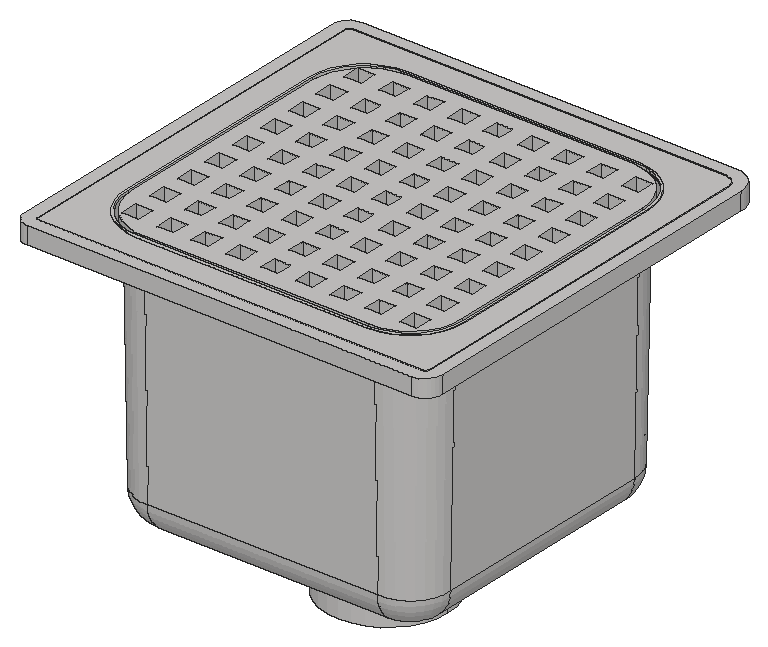
Revit family "Receptor_Sani-Flor_12-In_Square_8-In_Sump_Zurn-Z1751", category Plumbing Fixtures, Revit 2022 (continued)
Types in the file's own list only (18): name | Type Comments | Thickness | Connector Radius | Model | Main Material | A_ Pipe Size (Nominal) | A_ Pipe Size (Actual-Outer) | A_ Pipe Size (Actual-Inner) | E_ Body Length | Default Elevation | Approx. Weight (Lbs)
  Z1751-4NH | "Z1751 Sani-Flor Receptor 4 Inch No-Hub Outlet" | 0.063 " | 2.000 " | "Z1751-4NH" | Steel - Zurn - Stainless - Type 304 | 4.000 " | 4.500 " | 4.026 " | 10.063 " | 4.000 " | 19.000 "
  Z1751-6NH | "Z1751 Sani-Flor Receptor 6 Inch No-Hub Outlet" | 0.063 " | 3.000 " | "Z1751-6NH" | Steel - Zurn - Stainless - Type 304 | 6.000 " | 6.625 " | 6.065 " | 10.063 " | 4.000 " | 21.000 "
  Z1751-3IC | "Z1751 Sani-Flor Receptor 3 Inch Inside Caulk Outlet" | 0.063 " | 1.500 " | "Z1751-3IC" | Steel - Zurn - Stainless - Type 304 | 3.000 " | 3.500 " | 2.998 " | 10.563 " | 4.000 " | 19.000 "
  Z1751-4IC | "Z1751 Sani-Flor Receptor 4 Inch Inside Caulk Outlet" | 0.063 " | 2.000 " | "Z1751-4IC" | Steel - Zurn - Stainless - Type 304 | 4.000 " | 4.500 " | 4.026 " | 10.563 " | 4.000 " | 19.000 "
  Z1751-2NL | "Z1751 Sani-Flor Receptor 2 Inch Neo-Loc Outlet" | 0.063 " | 1.000 " | "Z1751-2NL" | Steel - Zurn - Stainless - Type 304 | 2.000 " | 2.375 " | 2.067 " | 9.813 " | 4.000 " | 19.000 "
  Z1751-3NL | "Z1751 Sani-Flor Receptor 3 Inch Neo-Loc Outlet" | 0.063 " | 1.500 " | "Z1751-3NL" | Steel - Zurn - Stainless - Type 304 | 3.000 " | 3.500 " | 2.998 " | 9.813 " | 4.000 " | 19.000 "
  Z1751-4NL | "Z1751 Sani-Flor Receptor 4 Inch Neo-Loc Outlet" | 0.063 " | 2.000 " | "Z1751-4NL" | Steel - Zurn - Stainless - Type 304 | 4.000 " | 4.500 " | 4.026 " | 9.813 " | 4.000 " | 19.000 "
  ZM1751-3NH | "ZM1751 Sani-Flor Receptor 3 Inch No-Hub Outlet" | 0.063 " | 1.500 " | "ZM1751-3NH" | Steel - Zurn - Stainless - Type 316 | 3.000 " | 3.500 " | 2.998 " | 10.063 " | 4.000 " | 19.000 "
  ZM1751-2NH | "ZM1751 Sani-Flor Receptor 2 Inch No-Hub Outlet" | 0.063 " | 1.000 " | "ZM1751-2NH" | Steel - Zurn - Stainless - Type 316 | 2.000 " | 2.375 " | 2.067 " | 10.063 " | 4.000 " | 19.000 "
  ZM1751-4NH | "ZM1751 Sani-Flor Receptor 4 Inch No-Hub Outlet" | 0.063 " | 2.000 " | "ZM1751-4NH" | Steel - Zurn - Stainless - Type 316 | 4.000 " | 4.500 " | 4.026 " | 10.063 " | 4.000 " | 19.000 "
  ZM1751-6NH | "ZM1751 Sani-Flor Receptor 6 Inch No-Hub Outlet" | 0.063 " | 3.000 " | "ZM1751-6NH" | Steel - Zurn - Stainless - Type 316 | 6.000 " | 6.625 " | 6.065 " | 10.063 " | 4.000 " | 21.000 "
  ZM1751-3IC | "ZM1751 Sani-Flor Receptor 3 Inch Inside Caulk Outlet" | 0.063 " | 1.500 " | "ZM1751-3IC" | Steel - Zurn - Stainless - Type 316 | 3.000 " | 3.500 " | 2.998 " | 10.563 " | 4.000 " | 19.000 "
  ZM1751-4IC | "ZM1751 Sani-Flor Receptor 4 Inch Inside Caulk Outlet" | 0.063 " | 2.000 " | "ZM1751-4IC" | Steel - Zurn - Stainless - Type 316 | 4.000 " | 4.500 " | 4.026 " | 10.563 " | 4.000 " | 19.000 "
  ZM1751-2NL | "ZM1751 Sani-Flor Receptor 2 Inch Neo-Loc Outlet" | 0.063 " | 1.000 " | "ZM1751-2NL" | Steel - Zurn - Stainless - Type 316 | 2.000 " | 2.375 " | 2.067 " | 9.813 " | 4.000 " | 19.000 "
  ZM1751-3NL | "ZM1751 Sani-Flor Receptor 3 Inch Neo-Loc Outlet" | 0.063 " | 1.500 " | "ZM1751-3NL" | Steel - Zurn - Stainless - Type 316 | 3.000 " | 3.500 " | 2.998 " | 9.813 " | 4.000 " | 19.000 "
  ZM1751-4NL | "ZM1751 Sani-Flor Receptor 4 Inch Neo-Loc Outlet" | 0.063 " | 2.000 " | "ZM1751-4NL" | Steel - Zurn - Stainless - Type 316 | 4.000 " | 4.500 " | 4.026 " | 9.813 " | 4.000 " | 19.000 "
